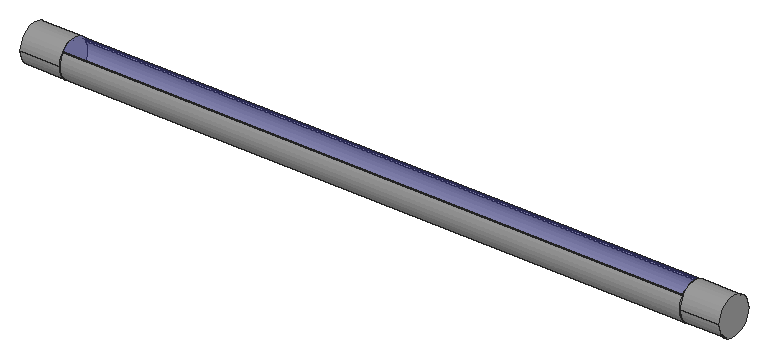
Revit family "Alcon-12100-R1-Revit-Family", category Lighting Fixtures, Revit 2025
Family settings
  Round Connector Dimension = Use Diameter
  Part Type = Normal
  Cut with Voids When Loaded = No
  Light Source = Yes
  Maintain Annotation Orientation = No
  Shared = No
  Room Calculation Point = No
Parameters (values of type "2'")
  Wattage = 9.2903 W
  built-in parameter 1150110 = 1 (stored number, unit not read)
  built-in parameter 1114217 = 1 (stored number, unit not read)
  built-in parameter 1150109 = 1 (stored number, unit not read)
  built-in parameter 1150134 = 3
  built-in parameter 1150113 = 1 (stored number, unit not read)
  built-in parameter 1150105 = 439.27 (stored number, unit not read)
  Lumens = 1380 lm
  built-in parameter 1150115 = 1 (stored number, unit not read)
  Light Source Symbol Size = 0' - 6"
  built-in parameter 1150137 = (empty or 0)
  built-in parameter 1150139 = (empty or 0)
  Lens = Glass
  built-in parameter 1001306 [instance] = 4' - 0"
  built-in parameter 1150112 = 1 (stored number, unit not read)
  built-in parameter 1150114 = 1 (stored number, unit not read)
  built-in parameter 1150132 = (empty or 0)
  built-in parameter 1150102 = (empty or 0)
  built-in parameter 1150107 = 3200 (stored number, unit not read)
  built-in parameter 1150138 = (empty or 0)
  built-in parameter 1150106 = 4.3927 (stored number, unit not read)
  Housing = Default
  Fixture Length = 2' - 0"
  Emit from Line Length = 0' - 6"
  built-in parameter 1150104 = 13.8 (stored number, unit not read)
  Dimming Lamp Color Temperature Shift = <None>
  Default Elevation = 0' - 0"
  Color Filter = 16777215
  built-in parameter 1114218 = 1 (stored number, unit not read)
  built-in parameter 1150133 = 10 (stored number, unit not read)
Types (5): name | Fixture Length
  (no name) | 2' - 0"
  2' | 2' - 0"
  3' | 3' - 0"
  4' | 4' - 0"
  6' | 6' - 0"
Reference planes (in)
  plane 1 "Center (Front/Back)": y = 0
  plane 2: z = 0
  plane 3 "Left": x = 0
  plane 4 "Right": x = 48
Forms (in)
  Extrusion 1, solid, material "Default" <- "Housing"
    sketch origin (0, 0, 0) x (0, 1, 0) y (0, 0, 1)
      loop
        arc (-0.5, 0.375) -> (0, -0.625) -> (0.5, 0.375) r 0.625
        line (0.5, 0.375) -> (0.45, 0.3375)
        arc (0.45, 0.3375) -> (0, -0.5625) -> (-0.45, 0.3375) r 0.5625
        line (-0.45, 0.3375) -> (-0.5, 0.375)
    from -2.17719 to 19.12281
  Extrusion 2, solid, material "Glass" <- "Lens"
    sketch origin (0, 0, 0) x (0, 1, 0) y (0, 0, 1)
      loop
        arc (0.49047, 0.38738) -> (0, 0.625) -> (-0.49047, 0.38738) r 0.625
        line (-0.49047, 0.38738) -> (-0.44045, 0.34987)
        arc (-0.44045, 0.34987) -> (0, 0.5625) -> (0.44045, 0.34987) r 0.5625
        line (0.44045, 0.34987) -> (0.49047, 0.38738)
    from -2.17719 to 19.12281
  Extrusion 3, solid, material "Default" <- "Housing"
    sketch origin (-2.17719, 0, 0) x (0, -1, 0) y (0, 0, 1)
      loop
        circle (0, 0) r 0.625
    from 0 to 1.35
  Extrusion 4, solid, material "Default" <- "Housing"
    sketch origin (20.76, 0, 0) x (0, 1, 0) y (0, 0, 1)
      loop
        circle (0, 0) r 0.625
    from -1.63719 to -0.28719
Lines and regions (in)
  reference lines
    curve 1: line (0, 0, 0) -> (48, 0, 0)
Dimensions and locks (in)
  "built-in parameter 1001306": plane 3 "Left" to plane 4 "Right"
  locked: Extrusion 3 to Extrusion 3 at 1.35
  locked: Extrusion 4 to Extrusion 4 at 1.35
  "Fixture Length": Extrusion 3 to Extrusion 4
  aligned and locked: plane 4 "Right" to curve 1
  aligned and locked: plane 1 "Center (Front/Back)" to curve 1
  aligned and locked: plane 3 "Left" to curve 1
  aligned and locked: level to plane 2
  aligned and locked: Extrusion 1 to Extrusion 4
  aligned and locked: Extrusion 2 to Extrusion 4
  aligned and locked: Extrusion 2 to Extrusion 3
  aligned and locked: Extrusion 3 to Extrusion 1
Automatic sketch dimensions
  Extrusion 1 sketch curve to Extrusion 1 sketch curve = 0' - 0"  (x3)
  Extrusion 1 sketch curve to level = 0' - 0"
  Extrusion 1 sketch curve to plane 1 "Center (Front/Back)" = 0' - 0"
  level to Extrusion 1 sketch curve = 0' - 0.3375"
  plane 1 "Center (Front/Back)" to Extrusion 1 sketch curve = 0' - 0.45"
  level to Extrusion 1 sketch curve = 0' - 0 3/8"
  plane 1 "Center (Front/Back)" to Extrusion 1 sketch curve = 0' - 0 1/2"
  Extrusion 1 sketch curve to Extrusion 1 sketch curve = 0' - 0.05"
  Extrusion 1 sketch curve to Extrusion 1 sketch curve = 0' - 0.0375"
  Extrusion 2 sketch curve to level = 0' - 0"
  Extrusion 2 sketch curve to plane 1 "Center (Front/Back)" = 0' - 0"
  Extrusion 2 sketch curve to Extrusion 2 sketch curve = 0' - 0"  (x2)
  plane 1 "Center (Front/Back)" to Extrusion 2 sketch curve = 0' - 0.44045"
  Extrusion 2 sketch curve to Extrusion 2 sketch curve = 0' - 0.05002"  (x2)
  Extrusion 2 sketch curve to plane 1 "Center (Front/Back)" = 0' - 0.44045"
  level to Extrusion 2 sketch curve = 0' - 0.34987"
  Extrusion 2 sketch curve to Extrusion 2 sketch curve = 0' - 0.03751"
  radius of Extrusion 3 sketch curve to Extrusion 1 = 0' - 0"
  radius of Extrusion 4 sketch curve to Extrusion 1 = 0' - 0"
